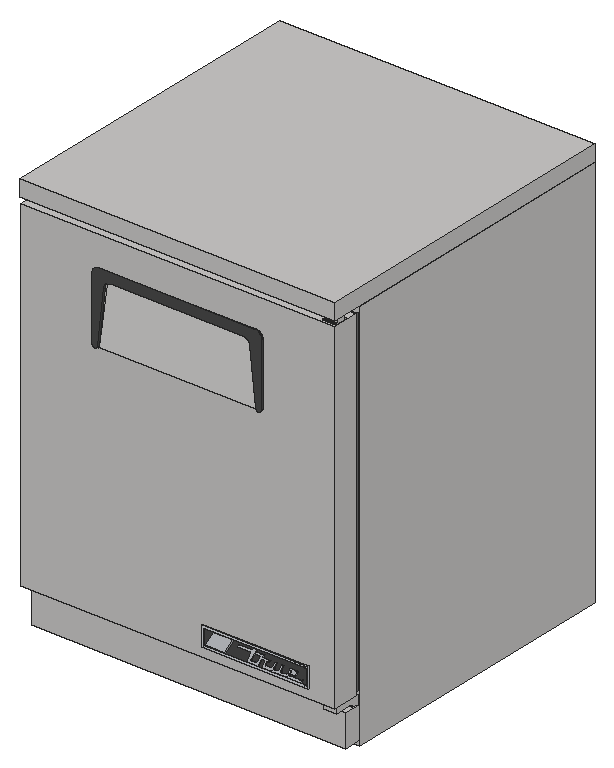
Revit family "QF_TRUE_TUC-24-HC_cat", category Specialty Equipment, Revit 2016 (continued)
Automatic sketch dimensions
  Split face 68 sketch curve to Extrusion 12 = 0.69365"
  Split face 68 sketch curve to Extrusion 12 = 0.19365"
  Split face 68 sketch curve to Extrusion 12 = 5.25492"
  Split face 68 sketch curve to Split face 68 sketch curve = 1/2"
  Split face 69 sketch curve to Extrusion 12 = 0.19365"
  Split face 69 sketch curve to Extrusion 12 = 0.13121"
  Split face 69 sketch curve to Extrusion 12 = 6.62992"
  Split face 69 sketch curve to Split face 69 sketch curve = 1/2"
  Split face 70 sketch curve to Extrusion 12 = 0.31871"
  Split face 70 sketch curve to Split face 70 sketch curve = 1/2"  (x2)
  Split face 70 sketch curve to Extrusion 12 = 6.62992"
  Split face 71 sketch curve to Extrusion 12 = 1.00621"
  Split face 71 sketch curve to Split face 71 sketch curve = 1/2"  (x2)
  Split face 71 sketch curve to Extrusion 12 = 6.62992"
  Split face 72 sketch curve to Extrusion 12 = 0.69365"
  Split face 72 sketch curve to Extrusion 12 = 0.19365"
  Split face 72 sketch curve to Extrusion 12 = 6.62992"
  Split face 72 sketch curve to Split face 72 sketch curve = 1/2"
  Split face 73 sketch curve to Extrusion 12 = 0.19365"
  Split face 73 sketch curve to Extrusion 12 = 0.13121"
  Split face 73 sketch curve to Extrusion 12 = 8.00492"
  Split face 73 sketch curve to Split face 73 sketch curve = 1/2"
  Split face 74 sketch curve to Extrusion 12 = 0.31871"
  Split face 74 sketch curve to Split face 74 sketch curve = 1/2"  (x2)
  Split face 74 sketch curve to Extrusion 12 = 8.00492"
  Split face 75 sketch curve to Extrusion 12 = 1.00621"
  Split face 75 sketch curve to Split face 75 sketch curve = 1/2"  (x2)
  Split face 75 sketch curve to Extrusion 12 = 8.00492"
  Split face 76 sketch curve to Extrusion 12 = 0.69365"
  Split face 76 sketch curve to Extrusion 12 = 0.19365"
  Split face 76 sketch curve to Extrusion 12 = 8.00492"
  Split face 76 sketch curve to Split face 76 sketch curve = 1/2"
  Split face 77 sketch curve to Extrusion 12 = 0.19365"
  Split face 77 sketch curve to Extrusion 12 = 0.13121"
  Split face 77 sketch curve to Extrusion 12 = 9.37992"
  Split face 77 sketch curve to Split face 77 sketch curve = 1/2"
  Split face 78 sketch curve to Extrusion 12 = 0.31871"
  Split face 78 sketch curve to Split face 78 sketch curve = 1/2"  (x2)
  Split face 78 sketch curve to Extrusion 12 = 9.37992"
  Split face 79 sketch curve to Extrusion 12 = 1.00621"
  Split face 79 sketch curve to Split face 79 sketch curve = 1/2"  (x2)
  Split face 79 sketch curve to Extrusion 12 = 9.37992"
  Split face 80 sketch curve to Extrusion 12 = 0.69365"
  Split face 80 sketch curve to Extrusion 12 = 0.19365"
  Split face 80 sketch curve to Extrusion 12 = 9.37992"
  Split face 80 sketch curve to Split face 80 sketch curve = 1/2"
  Split face 81 sketch curve to Extrusion 12 = 0.19365"
  Split face 81 sketch curve to Extrusion 12 = 0.13121"
  Split face 81 sketch curve to Extrusion 12 = 10.75492"
  Split face 81 sketch curve to Split face 81 sketch curve = 1/2"
  Split face 82 sketch curve to Extrusion 12 = 0.31871"
  Split face 82 sketch curve to Split face 82 sketch curve = 1/2"  (x2)
  Split face 82 sketch curve to Extrusion 12 = 10.75492"
  Split face 83 sketch curve to Extrusion 12 = 1.00621"
  Split face 83 sketch curve to Split face 83 sketch curve = 1/2"  (x2)
  Split face 83 sketch curve to Extrusion 12 = 10.75492"
  Split face 84 sketch curve to Extrusion 12 = 0.69365"
  Split face 84 sketch curve to Extrusion 12 = 0.19365"
  Split face 84 sketch curve to Extrusion 12 = 10.75492"
  Split face 84 sketch curve to Split face 84 sketch curve = 1/2"
  Split face 85 sketch curve to Extrusion 12 = 0.19365"
  Split face 85 sketch curve to Extrusion 12 = 0.13121"
  Split face 85 sketch curve to Extrusion 12 = 9.90981"
  Split face 85 sketch curve to Split face 85 sketch curve = 1/2"
  Split face 86 sketch curve to Extrusion 12 = 0.31871"
  Split face 86 sketch curve to Split face 86 sketch curve = 1/2"  (x2)
  Split face 86 sketch curve to Extrusion 12 = 9.90981"
  Split face 87 sketch curve to Extrusion 12 = 1.00621"
  Split face 87 sketch curve to Split face 87 sketch curve = 1/2"  (x2)
  Split face 87 sketch curve to Extrusion 12 = 9.90981"
  Split face 88 sketch curve to Extrusion 12 = 0.69365"
  Split face 88 sketch curve to Extrusion 12 = 0.19365"
  Split face 88 sketch curve to Extrusion 12 = 9.90981"
  Split face 88 sketch curve to Split face 88 sketch curve = 1/2"
  Split face 89 sketch curve to Extrusion 12 = 0.19365"
  Split face 89 sketch curve to Extrusion 12 = 0.13121"
  Split face 89 sketch curve to Extrusion 12 = 8.53481"
  Split face 89 sketch curve to Split face 89 sketch curve = 1/2"
  Split face 90 sketch curve to Extrusion 12 = 0.31871"
  Split face 90 sketch curve to Split face 90 sketch curve = 1/2"  (x2)
  Split face 90 sketch curve to Extrusion 12 = 8.53481"
  Split face 91 sketch curve to Extrusion 12 = 1.00621"
  Split face 91 sketch curve to Split face 91 sketch curve = 1/2"  (x2)
  Split face 91 sketch curve to Extrusion 12 = 8.53481"
  Split face 92 sketch curve to Extrusion 12 = 0.69365"
  Split face 92 sketch curve to Extrusion 12 = 0.19365"
  Split face 92 sketch curve to Extrusion 12 = 8.53481"
  Split face 92 sketch curve to Split face 92 sketch curve = 1/2"
  Split face 93 sketch curve to Extrusion 12 = 0.19365"
  Split face 93 sketch curve to Extrusion 12 = 0.13121"
  Split face 93 sketch curve to Extrusion 12 = 7.15981"
  Split face 93 sketch curve to Split face 93 sketch curve = 1/2"
  Split face 94 sketch curve to Extrusion 12 = 0.31871"
  Split face 94 sketch curve to Split face 94 sketch curve = 1/2"  (x2)
  Split face 94 sketch curve to Extrusion 12 = 7.15981"
  Split face 95 sketch curve to Extrusion 12 = 1.00621"
  Split face 95 sketch curve to Split face 95 sketch curve = 1/2"  (x2)
  Split face 95 sketch curve to Extrusion 12 = 7.15981"
  Split face 96 sketch curve to Extrusion 12 = 0.69365"
  Split face 96 sketch curve to Extrusion 12 = 0.19365"
  Split face 96 sketch curve to Extrusion 12 = 7.15981"
  Split face 96 sketch curve to Split face 96 sketch curve = 1/2"
  Split face 97 sketch curve to Extrusion 12 = 0.19365"
  Split face 97 sketch curve to Extrusion 12 = 0.13121"
  Split face 97 sketch curve to Extrusion 12 = 5.78481"
  Split face 97 sketch curve to Split face 97 sketch curve = 1/2"
  Split face 98 sketch curve to Extrusion 12 = 0.31871"
  Split face 98 sketch curve to Split face 98 sketch curve = 1/2"  (x2)
  Split face 98 sketch curve to Extrusion 12 = 5.78481"
  Split face 99 sketch curve to Extrusion 12 = 1.00621"
  Split face 99 sketch curve to Split face 99 sketch curve = 1/2"  (x2)
  Split face 99 sketch curve to Extrusion 12 = 5.78481"
  Split face 100 sketch curve to Extrusion 12 = 0.69365"
  Split face 100 sketch curve to Extrusion 12 = 0.19365"
  Split face 100 sketch curve to Extrusion 12 = 5.78481"
  Split face 100 sketch curve to Split face 100 sketch curve = 1/2"
  Split face 101 sketch curve to Extrusion 12 = 0.19365"
  Split face 101 sketch curve to Extrusion 12 = 0.13121"
  Split face 101 sketch curve to Extrusion 12 = 4.40981"
  Split face 101 sketch curve to Split face 101 sketch curve = 1/2"
  Split face 102 sketch curve to Extrusion 12 = 0.31871"
  Split face 102 sketch curve to Split face 102 sketch curve = 1/2"  (x2)
  Split face 102 sketch curve to Extrusion 12 = 4.40981"
  Split face 103 sketch curve to Extrusion 12 = 1.00621"
  Split face 103 sketch curve to Split face 103 sketch curve = 1/2"  (x2)
  Split face 103 sketch curve to Extrusion 12 = 4.40981"
  Split face 104 sketch curve to Extrusion 12 = 0.69365"
  Split face 104 sketch curve to Extrusion 12 = 0.19365"
  Split face 104 sketch curve to Extrusion 12 = 4.40981"
  Split face 104 sketch curve to Split face 104 sketch curve = 1/2"
  Split face 105 sketch curve to Extrusion 12 = 0.19365"
  Split face 105 sketch curve to Extrusion 12 = 0.13121"
  Split face 105 sketch curve to Extrusion 12 = 3.03481"
  Split face 105 sketch curve to Split face 105 sketch curve = 1/2"
  Split face 106 sketch curve to Extrusion 12 = 0.31871"
  Split face 106 sketch curve to Split face 106 sketch curve = 1/2"  (x2)
  Split face 106 sketch curve to Extrusion 12 = 3.03481"
  Split face 107 sketch curve to Extrusion 12 = 1.00621"
  Split face 107 sketch curve to Split face 107 sketch curve = 1/2"  (x2)
  Split face 107 sketch curve to Extrusion 12 = 3.03481"
  Split face 108 sketch curve to Extrusion 12 = 0.69365"
  Split face 108 sketch curve to Extrusion 12 = 0.19365"
  Split face 108 sketch curve to Extrusion 12 = 3.03481"
  Split face 108 sketch curve to Split face 108 sketch curve = 1/2"
  Split face 109 sketch curve to Extrusion 12 = 0.19365"
  Split face 109 sketch curve to Extrusion 12 = 0.13121"
  Split face 109 sketch curve to Extrusion 12 = 1.65981"
  Split face 109 sketch curve to Split face 109 sketch curve = 1/2"
  Split face 110 sketch curve to Extrusion 12 = 0.31871"
  Split face 110 sketch curve to Split face 110 sketch curve = 1/2"  (x2)
  Split face 110 sketch curve to Extrusion 12 = 1.65981"
  Split face 111 sketch curve to Extrusion 12 = 1.00621"
  Split face 111 sketch curve to Split face 111 sketch curve = 1/2"  (x2)
  Split face 111 sketch curve to Extrusion 12 = 1.65981"
  Split face 112 sketch curve to Extrusion 12 = 0.69365"
  Split face 112 sketch curve to Extrusion 12 = 0.19365"
  Split face 112 sketch curve to Extrusion 12 = 1.65981"
  Split face 112 sketch curve to Split face 112 sketch curve = 1/2"
  Revolve 13 sketch curve to plane 10 = 0"
  plane 1 "BACK" to Revolve 13 sketch curve = 0"  (x2)
  plane 1 "BACK" to Revolve 13 sketch curve = 0.45325"
  plane 4 "RIGHT" to Revolve 13 sketch curve = 5.39021"
  Revolve 13 sketch curve to Revolve 13 sketch curve = 0"  (x2)
  Revolve 13 sketch curve to Revolve 13 sketch curve = 0.2111"
  Revolve 13 sketch curve to Revolve 13 sketch curve = 1/4"
  Revolve 14 sketch curve to plane 10 = 0"
  plane 1 "BACK" to Revolve 14 sketch curve = 0"  (x2)
  plane 1 "BACK" to Revolve 14 sketch curve = 0.45325"
  plane 3 "LEFT" to Revolve 14 sketch curve = 5.3902"
  Revolve 14 sketch curve to Revolve 14 sketch curve = 0"  (x2)
  Revolve 14 sketch curve to Revolve 14 sketch curve = 0.2111"
  Revolve 14 sketch curve to Revolve 14 sketch curve = 1/4"
  curve 1 to plane 3 "LEFT" = 0"
  plane 5 "FRONT" to curve 21 = 0"
  curve 9 to plane 10 = 0"
  plane 1 "BACK" to curve 7 = 0"
  plane 1 "BACK" to curve 14 = 0"
  curve 3 to plane 4 "RIGHT" = 0"
  plane 3 "LEFT" to curve 20 = 0.63048"
  plane 3 "LEFT" to curve 17 = 4.17575"
  plane 1 "BACK" to curve 9 = 0.45335"
  plane 3 "LEFT" to curve 9 = 4.89018"
  curve 9 to curve 7 = 0.28904"
  curve 6 to curve 8 = 0"
  curve 8 to curve 7 = 0.422"
  curve 8 to curve 5 = 0.49997"
  plane 1 "BACK" to curve 15 = 0.45325"
  plane 4 "RIGHT" to curve 15 = 5.89021"
  curve 14 to curve 13 = 0.2889"
  curve 14 to curve 12 = 0"
  curve 14 to curve 13 = 0.4222"
  curve 12 to curve 11 = 1/2"
  plane 4 "RIGHT" to curve 18 = 0.03644"
  plane 5 "FRONT" to curve 17 = 10.30952"
  curve 8 to curve 6 = 0.00007"
  plane 1 "BACK" to curve 11 = 0.45325"
  curve 19 to curve 21 = 1.24452"
  curve 9 to curve 10 = 0.00003"
  curve 5 to curve 10 = 0"
  curve 16 to curve 14 = 0"
  curve 11 to curve 16 = 0"  (x2)
  curve 17 to plane 4 "RIGHT" = 0.04099"
  curve 10 to curve 5 = 0.0001"
  curve 4 to plane 11 = 0"
  plane 11 to curve 18 = 1.49895"
  plane 11 to Extrusion 1 sketch curve = 2 3/8"
  plane 11 to Revolve 6 sketch curve = 2.66298"
  plane 11 to Revolve 7 sketch curve = 2.66298"
  Extrusion 8 sketch curve to plane 11 = 0"
  plane 11 to Extrusion 11 sketch curve = 0.249"
  plane 11 to Extrusion 11 sketch curve = 13/32"
  Extrusion 1 sketch curve to plane 11 = 0"
  Extrusion 1 sketch curve to plane 6 "TOP" = 2.3085"
  Extrusion 1 sketch curve to plane 6 "TOP" = 1.08975"
  curve 17 to plane 11 = 0"
  plane 12 to Extrusion 1 sketch curve = 0"
  Extrusion 9 sketch curve to Extrusion 1 = 2.04763"
  Extrusion 1 to Extrusion 15 sketch curve = 3/16"  (x2)
  Extrusion 1 to Extrusion 15 sketch curve = 0.49225"
  Extrusion 1 to Extrusion 15 sketch curve = 2.74225"
  Extrusion 1 to Extrusion 15 sketch curve = 2 7/16"  (x2)
  Extrusion 15 sketch curve to Extrusion 1 = 5.941"
  Extrusion 15 sketch curve to Extrusion 15 sketch curve = 2 1/4"
  Extrusion 17 sketch curve to Extrusion 10 = 5.46583"
  Extrusion 17 sketch curve to Extrusion 17 sketch curve = 0.24342"  (x2)
  Extrusion 17 sketch curve to Extrusion 17 sketch curve = 0.23868"  (x2)
  Extrusion 17 sketch curve to Extrusion 17 sketch curve = 1/2"
  Extrusion 17 sketch curve to Extrusion 17 sketch curve = 0.42112"  (x2)
  Extrusion 17 sketch curve to Extrusion 17 sketch curve = 0.49726"  (x2)
  Extrusion 17 sketch curve to Extrusion 10 = 6.88421"
  Extrusion 17 sketch curve to Extrusion 10 = 3.42408"
  Extrusion 17 sketch curve to Extrusion 17 sketch curve = 0.43901"
  Extrusion 17 sketch curve to Extrusion 17 sketch curve = 0.05226"  (x2)
  Extrusion 17 sketch curve to Extrusion 17 sketch curve = 4.01437"
  Extrusion 17 sketch curve to Extrusion 17 sketch curve = 4.06664"
  Extrusion 17 sketch curve to Extrusion 17 sketch curve = 0.70283"
  Extrusion 16 sketch curve to plane 14 = 0"
  Extrusion 16 sketch curve to plane 11 = 0"
  Extrusion 16 sketch curve to plane 15 = 0"
  Extrusion 16 sketch curve to Extrusion 16 sketch curve = 1.069"
  radius of Extrusion 9 sketch curve = 1/2"
Nested families (in)
  nested 1: "QF_LOGO_TRUE" at (13.9375, -25.75, 4.59725), Show Logo <- "Show Logo", type "QF_LOGO_TRUE", detail levels medium+fine
    with Show Logo yes
Connectors (in)
  electrical at (21.01061, -0.9375, 2.32888), driven by "Volts", driven by "Watts"
    settings: on Extrusion 9, index 1, voltage 115 V, apparent load 230 VA, apparent load phase1 0 VA, apparent load phase2 0 VA, apparent load phase3 0 VA, power factor 1, load classification "Other", number of poles 1, system type 30, power factor state 1, is connector primary yes, connector utility no, sub classification motor no, connector description "ELECTRICAL CONNECTION"
Definition of nested family "QF_LOGO_TRUE"
  Parameters (values of type "QF_LOGO_TRUE")
    Show Logo [instance] = yes
  Reference planes (in)
    plane 1 "Center (Front/Back)": y = 0
    plane 2: z = 0
    plane 3 "Center (Left/Right)": x = 0
  Forms (in)
    Extrusion 1, solid, visible <- "Show Logo"
      sketch origin (-78.34647, 34.76905, -30.51001) x (1, 0, 0) y (0, 0, 1)
        loop
          line (81.15226, 31.65456) -> (81.07353, 31.48573) -> (82.12083, 31.48573)
          arc (82.12083, 31.48573) -> (82.14208, 31.44814) -> (82.12083, 31.41055) r 0.04386
          line (82.12083, 31.41055) -> (81.84767, 30.82478)
          arc (81.84767, 30.82478) -> (81.84531, 30.77052) -> (81.882, 30.73048) r 0.07096
          line (81.882, 30.73048) -> (82.55165, 30.73048)
          arc (82.55165, 30.73048) -> (82.63621, 30.75714) -> (82.69019, 30.82748) r 0.14742
          line (82.69019, 30.82748) -> (82.90515, 31.28847) -> (83.10265, 31.28847)
          arc (83.10265, 31.28847) -> (83.15447, 31.26942) -> (83.14697, 31.21472) r 0.04405
          line (83.14697, 31.21472) -> (82.9671, 30.82899)
          arc (82.9671, 30.82899) -> (82.9699, 30.76493) -> (83.02398, 30.73048) r 0.06943
          line (83.02398, 30.73048) -> (83.6124, 30.73048)
          arc (83.6124, 30.73048) -> (83.65748, 30.74689) -> (83.68147, 30.78844) r 0.07014
          arc (83.68147, 30.78844) -> (83.69845, 30.74745) -> (83.73943, 30.73048) r 0.05796
          line (83.73943, 30.73048) -> (84.112, 30.73048)
          arc (84.112, 30.73048) -> (84.15504, 30.74201) -> (84.18655, 30.77352) r 0.08608
          arc (84.18655, 30.77352) -> (84.20164, 30.7371) -> (84.23806, 30.72202) r 0.0515
          line (84.23806, 30.72202) -> (84.76757, 30.72202)
          arc (84.76757, 30.72202) -> (84.81086, 30.73995) -> (84.8288, 30.78324) r 0.06122
          arc (84.8288, 30.78324) -> (84.86848, 30.74355) -> (84.92269, 30.72903) r 0.10842
          line (84.92269, 30.72903) -> (85.91461, 30.72903) -> (86.02479, 30.91987) -> (85.0243, 30.91987)
          arc (85.0243, 30.91987) -> (84.99669, 30.93902) -> (84.99566, 30.97261) r 0.03732
          line (84.99566, 30.97261) -> (85.01297, 31.00972)
          arc (85.01297, 31.00972) -> (85.03954, 31.04453) -> (85.0813, 31.05774) r 0.07263
          line (85.0813, 31.05774) -> (85.40289, 31.05774)
          arc (85.40289, 31.05774) -> (85.4723, 31.07633) -> (85.52311, 31.12715) r 0.13882
          line (85.52311, 31.12715) -> (85.61625, 31.28847)
          arc (85.61625, 31.28847) -> (85.61625, 31.37458) -> (85.54168, 31.41763) r 0.08611
          line (85.54168, 31.41763) -> (85.20227, 31.41763)
          arc (85.20227, 31.41763) -> (85.11574, 31.40294) -> (85.05538, 31.33923) r 0.13863
          line (85.05538, 31.33923) -> (84.89409, 30.99333)
          arc (84.89409, 30.99333) -> (84.84649, 30.9313) -> (84.77191, 30.90778) r 0.13002
          line (84.77191, 30.90778) -> (84.41984, 30.90778)
          arc (84.41984, 30.90778) -> (84.3777, 30.95378) -> (84.38042, 31.0161) r 0.08151
          line (84.38042, 31.0161) -> (84.56766, 31.41763) -> (84.44849, 31.41763) -> (84.25012, 30.99222)
          arc (84.25012, 30.99222) -> (84.21158, 30.94199) -> (84.15119, 30.92296) r 0.10527
          line (84.15119, 30.92296) -> (83.90842, 30.92296)
          arc (83.90842, 30.92296) -> (83.8674, 30.97642) -> (83.87619, 31.04323) r 0.08805
          line (83.87619, 31.04323) -> (84.05078, 31.41763) -> (83.92772, 31.41763) -> (83.72676, 30.98668)
          arc (83.72676, 30.98668) -> (83.68011, 30.94003) -> (83.61639, 30.92296) r 0.12745
          line (83.61639, 30.92296) -> (83.26484, 30.92296)
          arc (83.26484, 30.92296) -> (83.2017, 30.9524) -> (83.19563, 31.0218) r 0.06967
          line (83.19563, 31.0218) -> (83.31118, 31.26961) -> (83.47452, 31.26961)
          arc (83.47452, 31.26961) -> (83.50209, 31.35268) -> (83.56075, 31.41763) r 0.21289
          line (83.56075, 31.41763) -> (82.92244, 31.41763)
          arc (82.92244, 31.41763) -> (82.85151, 31.40191) -> (82.80242, 31.34834) r 0.12081
          line (82.80242, 31.34834) -> (82.6294, 30.9773)
          arc (82.6294, 30.9773) -> (82.58962, 30.93752) -> (82.53528, 30.92296) r 0.10869
          line (82.53528, 30.92296) -> (82.1542, 30.92296)
          arc (82.1542, 30.92296) -> (82.12446, 30.96315) -> (82.13012, 31.01283) r 0.06822
          line (82.13012, 31.01283) -> (82.38156, 31.48573) -> (83.01596, 31.48573) -> (83.09469, 31.65456) -> (82.46029, 31.65456) -> (82.53902, 31.8234) -> (82.31334, 31.8234) -> (82.23461, 31.65456) -> (81.15226, 31.65456)
        loop
          arc (85.15937, 31.26434) -> (85.13191, 31.25698) -> (85.1118, 31.23688) r 0.05494
          line (85.1118, 31.23688) -> (85.09547, 31.18665)
          arc (85.09547, 31.18665) -> (85.10304, 31.16837) -> (85.12133, 31.16079) r 0.02586
          line (85.12133, 31.16079) -> (85.39889, 31.16079)
          arc (85.39889, 31.16079) -> (85.41888, 31.16523) -> (85.43513, 31.1777) r 0.04731
          line (85.43513, 31.1777) -> (85.44863, 31.2402)
          arc (85.44863, 31.2402) -> (85.44466, 31.25693) -> (85.42914, 31.26434) r 0.01994
          line (85.42914, 31.26434) -> (85.15937, 31.26434)
        loop
          line (78.62961, 30.74125) -> (80.12032, 30.74125) -> (80.73891, 31.81268) -> (79.2482, 31.81268) -> (78.62961, 30.74125)
      from 34.76797 to 34.83173
    Extrusion 2, solid, visible <- "Show Logo"
      sketch origin (-142.84857, 34.75108, -33.3546) x (1, 0, 0) y (0, 0, 1)
        loop
          line (150.81107, 34.71978) -> (142.98607, 34.71978) -> (142.98607, 33.4921) -> (150.81107, 33.4921) -> (150.81107, 34.71978)
      from 34.75108 to 34.78125
    Extrusion 3, solid, visible <- "Show Logo"
      sketch origin (-142.84857, 34.75108, -33.3546) x (1, 0, 0) y (0, 0, 1)
        loop
          line (150.94857, 34.85727) -> (142.84857, 34.85727) -> (142.84857, 33.3546) -> (150.94857, 33.3546) -> (150.94857, 34.85727)
        loop
          line (142.98607, 34.71978) -> (142.98607, 33.4921) -> (150.81107, 33.4921) -> (150.81107, 34.71978) -> (142.98607, 34.71978)
      from 34.75108 to 34.81376
    Extrusion 4, solid, not visible
      sketch origin (121.45701, -16.5, 4.98235) x (1, 0, 0) y (0, 0, 1)
        loop
          line (25.20115, 35.89949) -> (25.20115, 33.96647) -> (30.95381, 33.96647) -> (30.95381, 35.89949) -> (25.20115, 35.89949)
      from 31.5 to 31.54261
    Extrusion 5, solid, not visible
      sketch origin (121.45701, -16.5, 4.98235) x (1, 0, 0) y (0, 0, 1)
        loop
          line (26.7387, 34.95472) -> (26.61492, 34.49276) -> (27.038, 34.49276)
          arc (27.038, 34.49276) -> (27.13117, 34.52484) -> (27.18485, 34.60749) r 0.15134
          arc (27.18485, 34.60749) -> (27.20396, 34.68138) -> (27.22435, 34.75493) r 4.37326
          arc (27.22435, 34.75493) -> (27.23458, 34.81765) -> (27.22435, 34.88037) r 0.1974
          arc (27.22435, 34.88037) -> (27.18247, 34.93579) -> (27.11563, 34.95472) r 0.10914
          line (27.11563, 34.95472) -> (26.7387, 34.95472)
        loop
          line (26.90201, 34.80638) -> (26.84645, 34.59903) -> (26.92855, 34.59903)
          arc (26.92855, 34.59903) -> (26.98205, 34.6185) -> (27.01051, 34.6678) r 0.08322
          line (27.01051, 34.6678) -> (27.02399, 34.74424)
          arc (27.02399, 34.74424) -> (27.01491, 34.78454) -> (26.97985, 34.80638) r 0.05353
          line (26.97985, 34.80638) -> (26.90201, 34.80638)
        loop
          line (27.45336, 34.66131) -> (27.76233, 34.66131) -> (27.78859, 34.73909)
          arc (27.78859, 34.73909) -> (27.7878, 34.82039) -> (27.73107, 34.87864) r 0.10925
          arc (27.73107, 34.87864) -> (27.68233, 34.8944) -> (27.63139, 34.89974) r 0.24595
          line (27.63139, 34.89974) -> (27.46708, 34.89974)
          arc (27.46708, 34.89974) -> (27.4068, 34.88073) -> (27.3535, 34.84677) r 0.2421
          arc (27.3535, 34.84677) -> (27.2897, 34.76363) -> (27.26702, 34.66131) r 0.2421
          line (27.26702, 34.66131) -> (27.26702, 34.54477)
          arc (27.26702, 34.54477) -> (27.31618, 34.4956) -> (27.38334, 34.47761) r 0.13431
          line (27.38334, 34.47761) -> (27.59054, 34.47761)
          arc (27.59054, 34.47761) -> (27.63459, 34.48281) -> (27.67622, 34.49812) r 0.18924
          line (27.67622, 34.49812) -> (27.73102, 34.61563)
          arc (27.73102, 34.61563) -> (27.68453, 34.59565) -> (27.63566, 34.58252) r 0.35376
          arc (27.63566, 34.58252) -> (27.55885, 34.56956) -> (27.48204, 34.58252) r 0.23415
          arc (27.48204, 34.58252) -> (27.44492, 34.61362) -> (27.45336, 34.66131) r 0.04838
        loop
          line (27.4842, 34.73042) -> (27.62012, 34.73042) -> (27.62621, 34.76496)
          arc (27.62621, 34.76496) -> (27.58961, 34.80242) -> (27.53739, 34.80638) r 0.0742
          arc (27.53739, 34.80638) -> (27.49747, 34.77773) -> (27.4842, 34.73042) r 0.0742
        loop
          line (27.91616, 34.97572) -> (27.78675, 34.49276) -> (27.98645, 34.49276) -> (28.11586, 34.97572) -> (27.91616, 34.97572)
        loop
          line (28.13678, 34.66131) -> (28.08755, 34.47761) -> (28.27134, 34.47761) -> (28.32056, 34.66131) -> (28.43674, 34.66131) -> (28.47974, 34.78864) -> (28.36519, 34.78864)
          arc (28.36519, 34.78864) -> (28.35733, 34.81649) -> (28.36921, 34.84288) r 0.04231
          arc (28.36921, 34.84288) -> (28.431, 34.8652) -> (28.49617, 34.85686) r 0.13988
          line (28.49617, 34.85686) -> (28.53544, 34.97317)
          arc (28.53544, 34.97317) -> (28.39725, 34.99096) -> (28.25905, 34.97317) r 0.54546
          arc (28.25905, 34.97317) -> (28.20849, 34.91994) -> (28.18197, 34.85147) r 0.1894
          line (28.18197, 34.85147) -> (28.17089, 34.78864) -> (28.11397, 34.78864) -> (28.07985, 34.66131) -> (28.13678, 34.66131)
        loop
          arc (28.74846, 34.89756) -> (28.65884, 34.88533) -> (28.56922, 34.89756) r 0.33455
          line (28.56922, 34.89756) -> (28.45669, 34.47761) -> (28.63593, 34.47761) -> (28.74846, 34.89756)
        loop
          arc (28.60398, 35.01195) -> (28.57699, 34.97173) -> (28.60398, 34.9315) r 0.04347
          line (28.60398, 34.9315) -> (28.75755, 34.9315)
          arc (28.75755, 34.9315) -> (28.78645, 34.96687) -> (28.77911, 35.01195) r 0.0556
          line (28.77911, 35.01195) -> (28.60398, 35.01195)
        loop
          line (28.95336, 34.66131) -> (29.26233, 34.66131) -> (29.28859, 34.73909)
          arc (29.28859, 34.73909) -> (29.2878, 34.82039) -> (29.23107, 34.87864) r 0.10925
          arc (29.23107, 34.87864) -> (29.18233, 34.8944) -> (29.13139, 34.89974) r 0.24595
          line (29.13139, 34.89974) -> (28.96708, 34.89974)
          arc (28.96708, 34.89974) -> (28.9068, 34.88073) -> (28.8535, 34.84677) r 0.2421
          arc (28.8535, 34.84677) -> (28.7897, 34.76363) -> (28.76702, 34.66131) r 0.2421
          line (28.76702, 34.66131) -> (28.76702, 34.54477)
          arc (28.76702, 34.54477) -> (28.81618, 34.4956) -> (28.88334, 34.47761) r 0.13431
          line (28.88334, 34.47761) -> (29.09054, 34.47761)
          arc (29.09054, 34.47761) -> (29.13459, 34.48281) -> (29.17622, 34.49812) r 0.18924
          line (29.17622, 34.49812) -> (29.23102, 34.61563)
          arc (29.23102, 34.61563) -> (29.18453, 34.59565) -> (29.13566, 34.58252) r 0.35376
          arc (29.13566, 34.58252) -> (29.05885, 34.56956) -> (28.98204, 34.58252) r 0.23415
          arc (28.98204, 34.58252) -> (28.94492, 34.61362) -> (28.95336, 34.66131) r 0.04838
        loop
          line (28.9842, 34.73042) -> (29.12012, 34.73042) -> (29.12621, 34.76496)
          arc (29.12621, 34.76496) -> (29.08961, 34.80242) -> (29.03739, 34.80638) r 0.0742
          arc (29.03739, 34.80638) -> (28.99747, 34.77773) -> (28.9842, 34.73042) r 0.0742
        loop
          line (29.41616, 34.97572) -> (29.28675, 34.49276) -> (29.48645, 34.49276) -> (29.61586, 34.97572) -> (29.41616, 34.97572)
        loop
          line (29.99836, 34.97572) -> (29.95192, 34.80242)
          arc (29.95192, 34.80242) -> (29.94473, 34.85705) -> (29.90102, 34.89059) r 0.07199
          arc (29.90102, 34.89059) -> (29.80023, 34.89941) -> (29.70251, 34.87322) r 0.29131
          arc (29.70251, 34.87322) -> (29.61806, 34.7652) -> (29.5896, 34.63108) r 0.30433
          line (29.5896, 34.63108) -> (29.5896, 34.55572)
          arc (29.5896, 34.55572) -> (29.61075, 34.50463) -> (29.66184, 34.48348) r 0.07224
          line (29.66184, 34.48348) -> (29.78537, 34.48348)
          arc (29.78537, 34.48348) -> (29.83854, 34.51313) -> (29.88504, 34.55243) r 0.31609
          line (29.88504, 34.55243) -> (29.86905, 34.49276) -> (30.05973, 34.49276) -> (30.18914, 34.97572) -> (29.99836, 34.97572)
        loop
          arc (29.84537, 34.75931) -> (29.79424, 34.71128) -> (29.77745, 34.64317) r 0.12371
          arc (29.77745, 34.64317) -> (29.80071, 34.59901) -> (29.85056, 34.59647) r 0.05045
          arc (29.85056, 34.59647) -> (29.90141, 34.64047) -> (29.92536, 34.7033) r 0.13769
          arc (29.92536, 34.7033) -> (29.90211, 34.75521) -> (29.84537, 34.75931) r 0.05543
        loop
          line (26.45047, 35.26762) -> (26.58211, 35.26762)
          arc (26.58211, 35.26762) -> (26.60467, 35.30821) -> (26.62126, 35.35157) r 0.3277
          arc (26.62126, 35.35157) -> (26.62714, 35.39992) -> (26.60877, 35.44503) r 0.09693
          arc (26.60877, 35.44503) -> (26.56454, 35.48868) -> (26.50462, 35.50516) r 0.12312
          arc (26.50462, 35.50516) -> (26.44158, 35.50565) -> (26.37854, 35.50546) r 5.76967
          arc (26.37854, 35.50546) -> (26.07462, 35.42923) -> (25.81045, 35.26076) r 0.97743
          line (25.81045, 35.26076) -> (25.85921, 35.26076)
          arc (25.85921, 35.26076) -> (26.08494, 35.39361) -> (26.3396, 35.45485) r 0.88817
          arc (26.3396, 35.45485) -> (26.41429, 35.44188) -> (26.47267, 35.39352) r 0.14748
          arc (26.47267, 35.39352) -> (26.48041, 35.32725) -> (26.45047, 35.26762) r 0.11636
        loop
          arc (26.35412, 35.17841) -> (26.19578, 35.0555) -> (26.00982, 34.98069) r 0.72453
          arc (26.00982, 34.98069) -> (25.9036, 34.95581) -> (25.79459, 34.9604) r 0.40201
          arc (25.79459, 34.9604) -> (25.7275, 34.98819) -> (25.69972, 35.05528) r 0.09488
          arc (25.69972, 35.05528) -> (25.71867, 35.12629) -> (25.77049, 35.17841) r 0.1425
          line (25.77049, 35.17841) -> (25.73665, 35.18748)
          arc (25.73665, 35.18748) -> (25.67632, 35.09876) -> (25.66924, 34.99171) r 0.20432
          arc (25.66924, 34.99171) -> (25.71443, 34.9227) -> (25.79473, 34.90384) r 0.11116
          arc (25.79473, 34.90384) -> (25.91172, 34.89904) -> (26.02716, 34.91862) r 0.56145
          arc (26.02716, 34.91862) -> (26.27675, 35.021) -> (26.49584, 35.17841) r 1.15683
          line (26.49584, 35.17841) -> (26.35412, 35.17841)
      from 31.54261 to 31.56272
  Dimensions and locks (in)
    aligned and locked: level to plane 2
    aligned and locked: Extrusion 2 to Extrusion 3  (x2)
    aligned and locked: Extrusion 2 sketch curve to Extrusion 3
